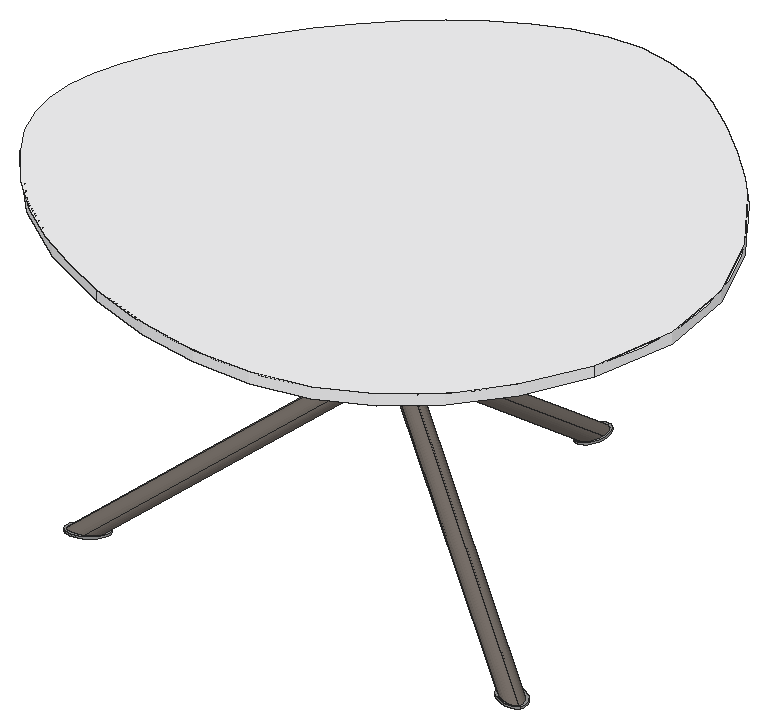
Revit family "FU_Table_Sandler_Corda 162-61", category Furniture, Revit 2020
Family settings
  OmniClass Number = 23.40.20.00
  OmniClass Title = General Furniture and Specialties
  Work Plane-Based = No
  Always vertical = Yes
  Cut with Voids When Loaded = No
  Shared = No
  Room Calculation Point = No
Parameters (values of type "Corda 162.61")
  Width = 710 mm
  URL = "https://www.sandlerseating.com/product/corda-table-162-61/"
  Model = "Corda 162.61"
  Manufacturer = "Sandler"
  Height = 380 mm
  HPL Top = HPL - Solid - White
  Frame = Metal Lacquers - Burnished Brown
  Description = "Coffee table with a stratified laminate top on a powder coated steel base. Suitable for outdoor use.\r\n\r\nCoffee table with a stratified laminate top on a powder coated steel base. Suitable for outdoor use. Diam. 28″\r\n\r\nCoffee table with a stratified laminate top on a powder coated steel base. Suitable for outdoor use. Diam. 28″\r\n\r\nCoffee table with a stratified laminate top on a powder coated steel base. Suitable for outdoor use. Diam. 28″"
  Depth = 688 mm
  Default Elevation = 0 mm
Reference planes
  plane 1 "Center (Front/Back)": y = 0
  plane 2: z = 0
  plane 3 "Center (Left/Right)": x = 0
  plane 4 "Right": x = -355
  plane 5 "Left": x = 355
  plane 6 "Back": y = 344
  plane 7 "Front": y = -344
  plane 8 "Height": z = 380
  plane 9 "Top Thickness": z = 368
  plane 10 "Center Loop Front": z = 201.679
  plane 11: through (4267.2, 30.81, 185.952) normal (0, 0.5793, 0.8151)
  plane 12: through (4267.2, 28.051, 207.906) normal (0, -0.7621, 0.6475)
Forms (mm)
  Extrusion 1, solid, material "HPL - Solid - White" <- "HPL Top"
    sketch origin (0, 0, 0) x (1, 0, 0) y (0, 1, 0)
      loop
        spline (-309.676, 94.914) -> (-321.588, 73.068) -> (-331.97, 51.916) -> (-340.646, 31.312) -> (-347.437, 11.108) -> (-352.165, -8.844) -> (-354.651, -28.691) -> (-354.717, -48.58) -> (-352.186, -68.659) -> (-346.879, -89.075) -> (-338.618, -109.976) -> (-327.225, -131.508) -> (-312.521, -153.82)
        spline (-312.521, -153.82) -> (-298.116, -172.682) -> (-283.146, -190.176) -> (-267.597, -206.389) -> (-251.453, -221.413) -> (-234.698, -235.338) -> (-217.316, -248.254) -> (-199.291, -260.251) -> (-180.609, -271.419) -> (-161.252, -281.848) -> (-141.206, -291.629) -> (-120.455, -300.852) -> (-98.982, -309.606)
        spline (-98.982, -309.606) -> (-52.135, -325.685) -> (-6.113, -336.868) -> (38.765, -342.969) -> (82.18, -343.801) -> (123.814, -339.179) -> (163.346, -328.915) -> (200.458, -312.825) -> (234.832, -290.721) -> (266.147, -262.417) -> (294.085, -227.727) -> (318.327, -186.464) -> (338.554, -138.443)
        spline (338.554, -138.443) -> (350.917, -91.439) -> (354.999, -45.811) -> (351.607, -1.686) -> (341.55, 40.803) -> (325.636, 81.529) -> (304.673, 120.36) -> (279.469, 157.167) -> (250.832, 191.82) -> (219.569, 224.19) -> (186.489, 254.145) -> (152.4, 281.557) -> (118.11, 306.296)
        spline (118.11, 306.296) -> (74.329, 330.009) -> (30.938, 341.942) -> (-11.737, 343.377) -> (-53.369, 335.591) -> (-93.631, 319.865) -> (-132.197, 297.477) -> (-168.74, 269.708) -> (-202.933, 237.836) -> (-234.45, 203.141) -> (-262.964, 166.903) -> (-288.148, 130.401) -> (-309.676, 94.914)
    from 368 to 380
  Extrusion 2, solid, material "Metal Lacquers - Burnished Brown" <- "Frame"
    sketch origin (0, 0, 368) x (-1, 0, 0) y (0, -1, 0)
      loop
        circle (0, 0) r 135
      loop
        circle (0, 0) r 185
    from -5 to 0
  Sweep 3, solid, material "Metal Lacquers - Burnished Brown" <- "Frame"
    path origin (0, 0, 0) x (0, 1, 0) y (0, 0, 1)
      loop
        line (168.325, 373.014) -> (28.05, 207.904)
        arc (28.05, 207.904) -> (24.597, 196.332) -> (30.791, 185.966) r 15
        line (30.791, 185.966) -> (299.772, -5.213)
    profile "Pro_Circles : 22mm Circle" origin (0, 98.188, 290.459) x (0, 0.762093, -0.647467) y (1, 0, 0)
      loop
        arc (-10.967, 0.067) -> (-7.822, -7.727) -> (-0.067, -10.967) r 10.901
        arc (-0.067, -10.967) -> (7.775, -7.775) -> (10.967, 0.067) r 10.901
        arc (10.967, 0.067) -> (7.727, 7.822) -> (-0.067, 10.967) r 10.901
        arc (-0.067, 10.967) -> (-7.774, 7.774) -> (-10.967, 0.067) r 10.9
  Sweep 4, solid, material "Metal Lacquers - Burnished Brown" <- "Frame"
    path origin (0, 0, 0) x (-0.866025, -0.5, 0) y (0, 0, 1)
      loop
        line (168.918, 373.711) -> (28.05, 207.904)
        arc (28.05, 207.904) -> (24.597, 196.332) -> (30.791, 185.966) r 15
        line (30.791, 185.966) -> (299.772, -5.213)
    profile "Pro_Circles : 22mm Circle" origin (-85.289, -49.242, 290.808) x (-0.659992, -0.381047, -0.647467) y (-0.5, 0.866025, 0)
      loop
        arc (-10.967, 0.067) -> (-7.822, -7.727) -> (-0.067, -10.967) r 10.901
        arc (-0.067, -10.967) -> (7.775, -7.775) -> (10.967, 0.067) r 10.901
        arc (10.967, 0.067) -> (7.727, 7.822) -> (-0.067, 10.967) r 10.901
        arc (-0.067, 10.967) -> (-7.774, 7.774) -> (-10.967, 0.067) r 10.9
  Sweep 5, solid, material "Metal Lacquers - Burnished Brown" <- "Frame"
    path origin (0, 0, 0) x (0.866025, -0.5, 0) y (0, 0, 1)
      loop
        line (167.255, 371.754) -> (28.05, 207.904)
        arc (28.05, 207.904) -> (24.597, 196.332) -> (30.791, 185.966) r 15
        line (30.791, 185.966) -> (299.772, -5.213)
    profile "Pro_Circles : 22mm Circle" origin (84.569, -48.826, 289.829) x (0.659992, -0.381047, -0.647467) y (-0.5, -0.866025, 0)
      loop
        arc (-10.967, 0.067) -> (-7.822, -7.727) -> (-0.067, -10.967) r 10.901
        arc (-0.067, -10.967) -> (7.775, -7.775) -> (10.967, 0.067) r 10.901
        arc (10.967, 0.067) -> (7.727, 7.822) -> (-0.067, 10.967) r 10.901
        arc (-0.067, 10.967) -> (-7.774, 7.774) -> (-10.967, 0.067) r 10.9
  Sweep 6, solid, material "Metal Lacquers - Burnished Brown" <- "Frame"
    path origin (0, 0, 201.679) x (-1, 0, 0) y (0, -1, 0)
      loop
        circle (0, 0) r 40
    profile "Pro_Circles : 15mm" origin (0, -40, 201.679) x (0, 1, 0) y (0, 0, 1)
      loop
        arc (-7.467, 0.067) -> (-5.347, -5.252) -> (-0.067, -7.467) r 7.401
        arc (-0.067, -7.467) -> (5.3, -5.301) -> (7.467, 0.067) r 7.402
        arc (7.467, 0.067) -> (5.252, 5.347) -> (-0.067, 7.467) r 7.401
        arc (-0.067, 7.467) -> (-5.299, 5.299) -> (-7.467, 0.067) r 7.4
  Extrusion 7, void
    sketch origin (3.616, -1.562, 0) x (1, 0, 0) y (0, 1, 0)
      loop
        circle (244.754, -141.386) r 30
    from -16.03 to 7
  Extrusion 8, void
    sketch origin (-0.035, 2.438, 0) x (-0.5, 0.866025, 0) y (-0.866025, -0.5, 0)
      loop
        circle (244.754, -141.386) r 30
    from -16.03 to 7
  Extrusion 9, void
    sketch origin (-4.698, -1.624, 0) x (-0.5, -0.866025, 0) y (0.866025, -0.5, 0)
      loop
        circle (244.754, -141.386) r 30
    from -16.03 to 7
  Extrusion 10, void
    sketch origin (0, 0, 368) x (-1, 0, 0) y (0, -1, 0)
      loop
        line (167.971, 62.291) -> (167.971, 107.291) -> (122.971, 107.291) -> (122.971, 62.291) -> (167.971, 62.291)
    from 0 to 17.676
  Extrusion 11, void
    sketch origin (0, 0, 368) x (0.5, -0.866025, 0) y (0.866025, 0.5, 0)
      loop
        line (167.971, 62.291) -> (167.971, 107.291) -> (122.971, 107.291) -> (122.971, 62.291) -> (167.971, 62.291)
    from 0 to 17.676
  Extrusion 12, void
    sketch origin (0, 0, 368) x (0.5, 0.866025, 0) y (-0.866025, 0.5, 0)
      loop
        line (167.971, 62.291) -> (167.971, 107.291) -> (122.971, 107.291) -> (122.971, 62.291) -> (167.971, 62.291)
    from 0 to 17.676
  Extrusion 13, solid, material "Rubber, Black"
    sketch origin (0, 0, 0) x (1, 0, 0) y (0, 1, 0)
      loop
        spline (-263.821, -152.304) -> (-261.36, -155.067) -> (-257.768, -156.892) -> (-253.289, -157.655) -> (-248.23, -157.303) -> (-242.934, -155.86) -> (-237.763, -153.426) -> (-233.069, -150.165) -> (-229.172, -146.3) -> (-226.338, -142.094) -> (-224.759, -137.835) -> (-224.543, -133.811) -> (-225.705, -130.298)
        spline (-225.705, -130.298) -> (-228.167, -127.535) -> (-231.759, -125.71) -> (-236.237, -124.948) -> (-241.296, -125.3) -> (-246.592, -126.742) -> (-251.763, -129.177) -> (-256.457, -132.438) -> (-260.354, -136.303) -> (-263.189, -140.508) -> (-264.768, -144.768) -> (-264.983, -148.791) -> (-263.821, -152.304)
    from 5 to 7
  Extrusion 14, solid, material "Rubber, Black"
    sketch origin (0, 0, 0) x (1, 0, 0) y (0, 1, 0)
      loop
        circle (-244.731, -141.314) r 5
    from 0 to 7
  Extrusion 15, solid, material "Rubber, Black"
    sketch origin (0, 0, 0) x (-0.501158, 0.865356, 0) y (-0.865356, -0.501158, 0)
      loop
        spline (-263.821, -152.304) -> (-261.36, -155.067) -> (-257.768, -156.892) -> (-253.289, -157.655) -> (-248.23, -157.303) -> (-242.934, -155.86) -> (-237.763, -153.426) -> (-233.069, -150.165) -> (-229.172, -146.3) -> (-226.338, -142.094) -> (-224.759, -137.835) -> (-224.543, -133.811) -> (-225.705, -130.298)
        spline (-225.705, -130.298) -> (-228.167, -127.535) -> (-231.759, -125.71) -> (-236.237, -124.948) -> (-241.296, -125.3) -> (-246.592, -126.742) -> (-251.763, -129.177) -> (-256.457, -132.438) -> (-260.354, -136.303) -> (-263.189, -140.508) -> (-264.768, -144.768) -> (-264.983, -148.791) -> (-263.821, -152.304)
    from 5 to 7
  Extrusion 16, solid, material "Rubber, Black"
    sketch origin (0, 0, 0) x (-0.501158, 0.865356, 0) y (-0.865356, -0.501158, 0)
      loop
        circle (-244.731, -141.314) r 5
    from 0 to 7
  Extrusion 17, solid, material "Rubber, Black"
    sketch origin (0, 0, 0) x (-0.498841, -0.866694, 0) y (0.866694, -0.498841, 0)
      loop
        spline (-263.821, -152.304) -> (-261.36, -155.067) -> (-257.768, -156.892) -> (-253.289, -157.655) -> (-248.23, -157.303) -> (-242.934, -155.86) -> (-237.763, -153.426) -> (-233.069, -150.165) -> (-229.172, -146.3) -> (-226.338, -142.094) -> (-224.759, -137.835) -> (-224.543, -133.811) -> (-225.705, -130.298)
        spline (-225.705, -130.298) -> (-228.167, -127.535) -> (-231.759, -125.71) -> (-236.237, -124.948) -> (-241.296, -125.3) -> (-246.592, -126.742) -> (-251.763, -129.177) -> (-256.457, -132.438) -> (-260.354, -136.303) -> (-263.189, -140.508) -> (-264.768, -144.768) -> (-264.983, -148.791) -> (-263.821, -152.304)
    from 5 to 7
  Extrusion 18, solid, material "Rubber, Black"
    sketch origin (0, 0, 0) x (-0.498841, -0.866694, 0) y (0.866694, -0.498841, 0)
      loop
        circle (-244.731, -141.314) r 5
    from 0 to 7
Cuts and joins
  Extrusion 9, Extrusion 10 cuts Sweep 4
  Extrusion 7, Extrusion 11 cuts Sweep 5
  Extrusion 8, Extrusion 12 cuts Sweep 3
  joined: Extrusion 13, Extrusion 14
Dimensions and locks
  equal spacing: plane 4 "Right", plane 3 "Center (Left/Right)", plane 5 "Left"
  "Width": plane 4 "Right" to plane 5 "Left"
  equal spacing: plane 6 "Back", plane 1 "Center (Front/Back)", plane 7 "Front"
  "Depth": plane 6 "Back" to plane 7 "Front"
  "Height": plane 8 "Height" to level
  plane 9 "Top Thickness" to level = 368 mm
  aligned and locked: level to plane 2
  aligned and locked: plane 8 "Height" to Extrusion 1
  aligned and locked: Extrusion 1 to plane 9 "Top Thickness"
Automatic sketch dimensions
  Extrusion 1 sketch curve to plane 6 "Back" = 37.704 mm
  plane 3 "Center (Left/Right)" to Extrusion 1 sketch curve = 118.11 mm
  Extrusion 1 sketch curve to plane 4 "Right" = 45.324 mm
  plane 5 "Left" to Extrusion 1 sketch curve = 16.446 mm
  Extrusion 1 sketch curve to plane 1 "Center (Front/Back)" = 94.914 mm
  plane 1 "Center (Front/Back)" to Extrusion 1 sketch curve = 138.443 mm
  plane 7 "Front" to Extrusion 1 sketch curve = 34.394 mm
  Extrusion 1 sketch curve to plane 3 "Center (Left/Right)" = 98.982 mm
  Extrusion 1 sketch curve to plane 4 "Right" = 42.479 mm
  plane 1 "Center (Front/Back)" to Extrusion 1 sketch curve = 153.82 mm
  Extrusion 2 sketch curve to Extrusion 2 sketch curve = 0 mm  (x2)
  plane 1 "Center (Front/Back)" to Extrusion 2 sketch curve = 0 mm
  Extrusion 2 sketch curve to plane 3 "Center (Left/Right)" = 0 mm
  plane 1 "Center (Front/Back)" to Sweep 6 sketch curve = 0 mm
  Sweep 6 sketch curve to plane 3 "Center (Left/Right)" = 0 mm
  plane 5 "Left" to Extrusion 7 sketch curve = 106.631 mm
  plane 1 "Center (Front/Back)" to Extrusion 7 sketch curve = 142.948 mm
  plane 10 "Center Loop Front" to Sweep 5 sketch curve = 6.225 mm
  Sweep 5 sketch curve to plane 10 "Center Loop Front" = 15.713 mm
  Sweep 5 sketch curve to Sweep 5 sketch curve = 2.741 mm
  Sweep 5 sketch curve to plane 10 "Center Loop Front" = 3.487 mm
  plane 9 "Top Thickness" to Sweep 5 sketch curve = 3.754 mm
  Sweep 5 sketch curve to Sweep 5 sketch curve = 139.205 mm
  Sweep 5 sketch curve to level = 5.213 mm
  Sweep 5 sketch curve to Sweep 5 sketch curve = 268.981 mm
  plane 3 "Center (Left/Right)" to Extrusion 8 sketch curve = 0.031 mm
  Extrusion 8 sketch curve to plane 6 "Back" = 58.906 mm
  Extrusion 9 sketch curve to plane 4 "Right" = 105.482 mm
  plane 1 "Center (Front/Back)" to Extrusion 9 sketch curve = 142.894 mm
  plane 10 "Center Loop Front" to Sweep 4 sketch curve = 6.225 mm
  Sweep 4 sketch curve to plane 10 "Center Loop Front" = 15.713 mm
  Sweep 4 sketch curve to Sweep 4 sketch curve = 2.741 mm
  Sweep 4 sketch curve to plane 10 "Center Loop Front" = 3.487 mm
  plane 9 "Top Thickness" to Sweep 4 sketch curve = 5.711 mm
  Sweep 4 sketch curve to Sweep 4 sketch curve = 140.868 mm
  Sweep 4 sketch curve to level = 5.213 mm
  Sweep 4 sketch curve to Sweep 4 sketch curve = 268.981 mm
  Sweep 3 sketch curve to plane 12 = 0 mm  (x2)
  Sweep 3 sketch curve to plane 11 = 0 mm
  plane 11 to Sweep 3 sketch curve = 0 mm
  plane 10 "Center Loop Front" to Sweep 3 sketch curve = 6.225 mm
  Sweep 3 sketch curve to plane 10 "Center Loop Front" = 15.713 mm
  Sweep 3 sketch curve to plane 10 "Center Loop Front" = 3.487 mm
  plane 9 "Top Thickness" to Sweep 3 sketch curve = 5.014 mm
  Sweep 3 sketch curve to level = 5.213 mm
  Extrusion 10 sketch curve to plane 3 "Center (Left/Right)" = 122.971 mm
  Extrusion 10 sketch curve to Extrusion 10 sketch curve = 45 mm  (x2)
  plane 1 "Center (Front/Back)" to Extrusion 10 sketch curve = 62.291 mm
  plane 1 "Center (Front/Back)" to Extrusion 11 sketch curve = 75.35 mm
  plane 3 "Center (Left/Right)" to Extrusion 11 sketch curve = 115.431 mm
  Extrusion 11 sketch curve to Extrusion 11 sketch curve = 45 mm  (x2)
  plane 3 "Center (Left/Right)" to Extrusion 12 sketch curve = 7.539 mm
  Extrusion 12 sketch curve to plane 1 "Center (Front/Back)" = 137.641 mm
  Extrusion 12 sketch curve to Extrusion 12 sketch curve = 45 mm  (x2)
  Extrusion 13 sketch curve to plane 4 "Right" = 91.179 mm
  plane 1 "Center (Front/Back)" to Extrusion 13 sketch curve = 152.304 mm
  Extrusion 13 sketch curve to Extrusion 13 sketch curve = 19.058 mm
  Extrusion 14 sketch curve to plane 4 "Right" = 110.269 mm
  plane 1 "Center (Front/Back)" to Extrusion 14 sketch curve = 141.314 mm
  plane 5 "Left" to Extrusion 15 sketch curve = 90.987 mm
  plane 1 "Center (Front/Back)" to Extrusion 15 sketch curve = 151.97 mm
  Extrusion 15 sketch curve to Extrusion 15 sketch curve = 19.058 mm
  plane 5 "Left" to Extrusion 16 sketch curve = 110.064 mm
  plane 1 "Center (Front/Back)" to Extrusion 16 sketch curve = 140.959 mm
  Extrusion 17 sketch curve to plane 3 "Center (Left/Right)" = 0.397 mm
  Extrusion 17 sketch curve to plane 6 "Back" = 39.373 mm
  Extrusion 17 sketch curve to Extrusion 17 sketch curve = 19.058 mm
  Extrusion 18 sketch curve to plane 3 "Center (Left/Right)" = 0.394 mm
  Extrusion 18 sketch curve to plane 6 "Back" = 61.4 mm
  radius of Extrusion 2 sketch curve = 135 mm
  radius of Extrusion 2 sketch curve = 185 mm
  radius of Sweep 6 sketch curve = 40 mm
  radius of Extrusion 7 sketch curve = 30 mm
  radius of Extrusion 8 sketch curve = 30 mm
  radius of Extrusion 9 sketch curve = 30 mm
  radius of Extrusion 14 sketch curve = 5 mm
  radius of Extrusion 16 sketch curve = 5 mm
  radius of Extrusion 18 sketch curve = 5 mm
